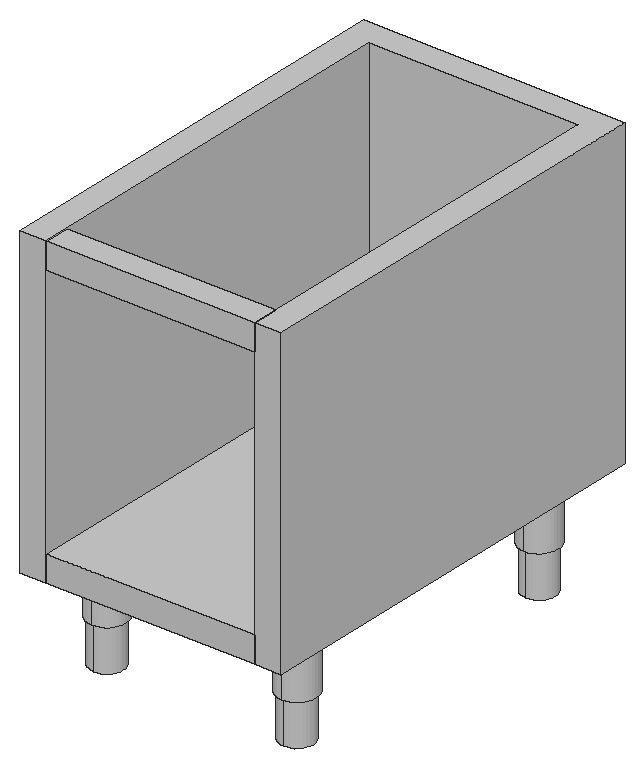
Revit family "QF_GIORIK_BV720G", category Specialty Equipment, Revit 2014
Parameters (values of type "BV720G")
  Show Logo [instance] = yes
  Show Clearance [instance] = yes
  Assembly Code = "E1090320"
Reference planes
  plane 1 "Back": y = 0
  plane 2: z = 0
  plane 3 "Left": x = 0
  plane 4 "Right": x = 400
  plane 5 "Front": y = -720
  plane 6 "Top": z = 620
Forms (mm)
  Extrusion 1, solid
    sketch origin (-16, 1025.81, 0) x (1, 0, 0) y (0, 1, 0)
      loop
        line (25, -1086.81) -> (25, -1156.81) -> (115, -1156.81) -> (115, -1086.81) -> (25, -1086.81)
    from 148 to 150
  Extrusion 2, solid
    sketch origin (416, 1025.81, 0) x (-1, 0, 0) y (0, -1, 0)
      loop
        line (25, 1086.81) -> (115, 1086.81) -> (115, 1156.81) -> (25, 1156.81) -> (25, 1086.81)
    from 148 to 150
  Extrusion 3, solid
    sketch origin (0, 0, 599.536) x (1, 0, 0) y (0, 1, 0)
      loop
        line (0, -660) -> (40, -660) -> (40, -40) -> (360, -40) -> (360, -660) -> (400, -660) -> (400, 0) -> (0, 0) -> (0, -660)
    from -449.536 to 20.464
  Extrusion 4, solid
    sketch origin (0, 0, 0) x (1, 0, 0) y (0, 1, 0)
      loop
        line (40, -40) -> (40, -660) -> (360, -660) -> (360, -40) -> (40, -40)
    from 150 to 190
  Extrusion 5, solid
    sketch origin (-16, 560.81, 0) x (1, 0, 0) y (0, 1, 0)
      loop
        line (25, -1086.81) -> (25, -1156.81) -> (115, -1156.81) -> (115, -1086.81) -> (25, -1086.81)
    from 148 to 150
  Revolve 6, solid
    sketch origin (54, 560.81, 0) x (0, 1, 0) y (0, 0, 1)
      loop
        line (-1092.56, 66) -> (-1092.56, 148) -> (-1121.81, 148) -> (-1121.81, 0) -> (-1096.81, 0) -> (-1096.81, 66) -> (-1092.56, 66)
      axis (-1121.81, 0) -> (-1121.81, 148)
    angle from 0 to 360
  Extrusion 7, solid
    sketch origin (416, 560.81, 0) x (-1, 0, 0) y (0, -1, 0)
      loop
        line (25, 1086.81) -> (115, 1086.81) -> (115, 1156.81) -> (25, 1156.81) -> (25, 1086.81)
    from 148 to 150
  Revolve 8, solid
    sketch origin (346, 560.81, 0) x (0, 1, 0) y (0, 0, 1)
      loop
        line (-1092.56, 66) -> (-1092.56, 148) -> (-1121.81, 148) -> (-1121.81, 0) -> (-1096.81, 0) -> (-1096.81, 66) -> (-1092.56, 66)
      axis (-1121.81, 0) -> (-1121.81, 148)
    angle from 0 to 360
  Revolve 9, solid
    sketch origin (346, 1025.81, 0) x (0, 1, 0) y (0, 0, 1)
      loop
        line (-1092.56, 66) -> (-1092.56, 148) -> (-1121.81, 148) -> (-1121.81, 0) -> (-1096.81, 0) -> (-1096.81, 66) -> (-1092.56, 66)
      axis (-1121.81, 0) -> (-1121.81, 148)
    angle from 0 to 360
  Revolve 10, solid
    sketch origin (54, 1025.81, 0) x (0, 1, 0) y (0, 0, 1)
      loop
        line (-1092.56, 66) -> (-1092.56, 148) -> (-1121.81, 148) -> (-1121.81, 0) -> (-1096.81, 0) -> (-1096.81, 66) -> (-1092.56, 66)
      axis (-1121.81, 0) -> (-1121.81, 148)
    angle from 0 to 360
  Extrusion 11, solid
    sketch origin (0, 40, 620) x (0, 1, 0) y (-1, 0, 0)
      loop
        line (-700, -40) -> (-700, -360) -> (-660, -360) -> (-660, -40) -> (-700, -40)
    from -40 to 0
Lines and regions (mm)
  symbolic lines, style "200-EquipHidden-2D", visible <- "Show Clearance", detail levels coarse
    curve 1: line (0, -660, 0) -> (400, -660, 0)
    curve 2: line (400, -660, 0) -> (400, 0, 0)
    curve 3: line (400, 0, 0) -> (0, 0, 0)
    curve 4: line (0, 0, 0) -> (0, -660, 0)
Dimensions and locks
  plane 3 "Left" to plane 4 "Right" = 400 mm
  plane 5 "Front" to plane 1 "Back" = 720 mm
  plane 4 "Right" to plane 3 "Left" = 400 mm
  plane 1 "Back" to plane 5 "Front" = 720 mm
  plane 6 "Top" to level = 620 mm  (x2)
  aligned and locked: level to plane 2
